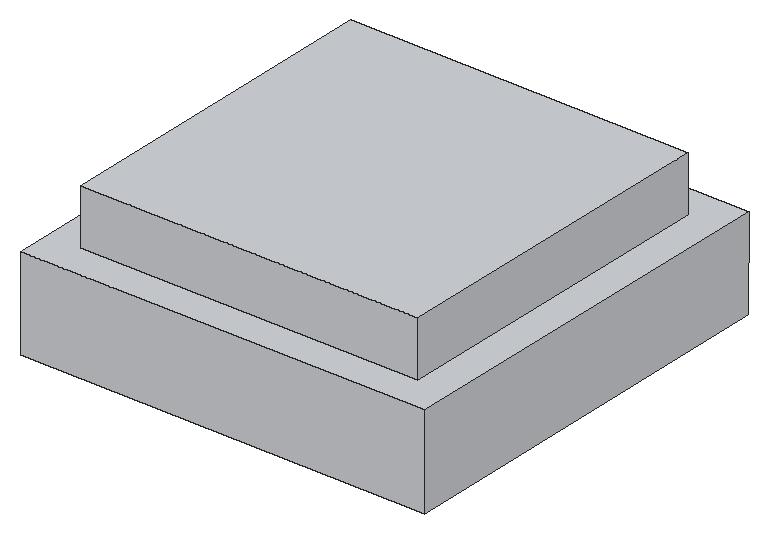
Revit family "Mark Ecofan W", category Mechanical Equipment, Revit 2015
Parameters (values of type "Ecofan W type W82")
  voltage = 230 V
  schijnbaar_vermogen = voltage * nominale stroom  # 391 VA
  offset [instance] = 70 mm
  o1 [instance] = if(offset < 100 mm, 100 mm, if(offset > 100 mm, offset, 100 mm))  # 100 mm
  nominale stroom = 1.7 A
  lengte = b1  # 720 mm
  hoogte = h1  # 265 mm
  h2 = 165 mm
  h1 = 265 mm
  gewicht = "23 KG"
  elektrisch_vermogen = 360 W
  debiet = 800.0 m³/h
  breedte = b1  # 720 mm
  b2 = 600 mm
  b1 = 720 mm
  aantal_polen = 1
  URL = "http://www.mark.nl/"
  Type Comments = "Type W82"
  Model = "ECOFAN W"
  Manufacturer = "Mark"  # constant formula
Reference planes
  plane 1 "Center (Front/Back)": y = 0
  plane 2: z = 0
  plane 3 "Center (Left/Right)": x = 0
  plane 4: x = -360
  plane 5: x = 360
  plane 6: x = 300
  plane 7: x = -300
  plane 8: y = 360
  plane 9: y = 300
  plane 10: y = -300
  plane 11: y = -360
  plane 12: z = -200
  plane 13: z = -365
  plane 14: z = -100
Forms (mm)
  Extrusion 1, solid
    sketch origin (1292.37, -1524, -365) x (0, -1, 0) y (-1, 0, 0)
      loop
        line (-1884, 1652.37) -> (-1884, 932.37) -> (-1164, 932.37) -> (-1164, 1652.37) -> (-1884, 1652.37)
    from 0 to -165
  Extrusion 2, solid
    sketch origin (-1213.618, -1524, -200) x (-1, 0, 0) y (0, -1, 0)
      loop
        line (-913.618, -1824) -> (-913.618, -1224) -> (-1513.618, -1224) -> (-1513.618, -1824) -> (-913.618, -1824)
    from 0 to 100
Dimensions and locks
  equal spacing: plane 4, plane 3 "Center (Left/Right)", plane 5
  "b1": plane 4 to plane 5
  equal spacing: plane 7, plane 3 "Center (Left/Right)", plane 6
  "b2": plane 7 to plane 6
  equal spacing: plane 8, plane 1 "Center (Front/Back)", plane 11
  "b1": plane 8 to plane 11
  "b2": plane 10 to plane 9
  equal spacing: plane 10, plane 1 "Center (Front/Back)", plane 9
  "h2": plane 12 to plane 13
  "h1": plane 14 to plane 13
  "o1": plane 2 to plane 14
  aligned and locked: level to plane 2
  aligned and locked: plane 5 to Extrusion 1 sketch curve
  aligned and locked: Extrusion 1 sketch curve to plane 8
  aligned and locked: plane 4 to Extrusion 1 sketch curve
  aligned and locked: Extrusion 1 sketch curve to plane 11
  aligned and locked: plane 12 to Extrusion 1
  aligned and locked: Extrusion 2 sketch curve to plane 6
  aligned and locked: plane 9 to Extrusion 2 sketch curve
  aligned and locked: Extrusion 2 sketch curve to plane 7
  aligned and locked: plane 10 to Extrusion 2 sketch curve
  aligned and locked: plane 14 to Extrusion 2
Connectors
  electrical at (0, 0, -100), driven by "aantal_polen", driven by "voltage", driven by "schijnbaar_vermogen"
    settings: on Extrusion 2, index 1, voltage 230 V, apparent load 0 VA, apparent load phase1 391 VA, apparent load phase2 0 VA, apparent load phase3 0 VA, power factor 1, load classification "Other", number of poles 1, system type 31, power factor state 1, is connector primary yes, connector utility no, sub classification motor no, connector description ""
